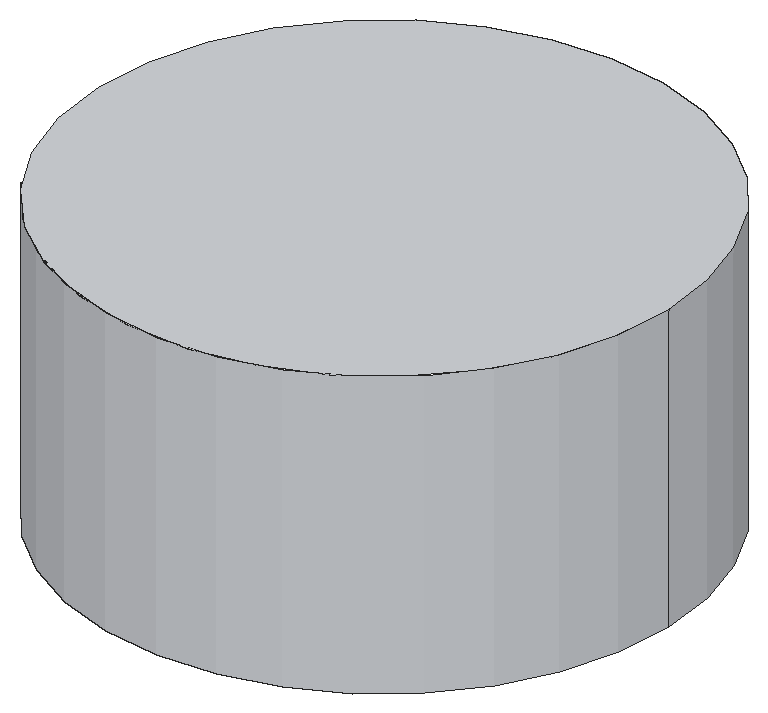
Revit family "ASF-4-C12", category Mechanical Equipment, Revit 2023
Family settings
  Round Connector Dimension = Use Diameter
  Classification = None
  Part Type = Normal
  OmniClass Number = 23.75.00.00
  OmniClass Title = Climate Control (HVAC)
  Work Plane-Based = No
  Always vertical = Yes
  Cut with Voids When Loaded = No
  Maintain Annotation Orientation = No
  Shared = No
  Room Calculation Point = No
Parameters (values of type "Standard")
  Volume = 0.0271039 CF
  Title = "Aura Solar Attic Fan - 12\" Tall Collar"
  Subject = "ASF-4-C12"
  Requested Accuracy = "Low"
  Part Number = "ASF-4-C12"
  Mass = 2.98773 lbm
  Designer = "CAD Machine"
  Design State = 1
  Density = 110.233 lb/ft³
  Default Elevation = 0' - 0"
  Creation Date = "11/10/2022"
  Connector_1_Diameter = 0' - 3 3/4"
  Center of Gravity = "X: -0.020 in Y: -5.808 in Z: 0.017 in"
  Author = "CAD Machine"
  Area = 11.0768 SF
Reference planes (in)
  plane 1 "Center (Front/Back)": y = 0
  plane 2: z = 0
  plane 3 "Center (Left/Right)": x = 0
Forms (in)
  Extrusion 1, solid
    sketch origin (0, 0, -19.73464) x (1, 0, 0) y (0, 1, 0)
      loop
        circle (0, 0) r 0.12
    from 0 to -0.12
Dimensions and locks (in)
  aligned and locked: plane 2 to level
Connectors (in)
  hvac at (0, 0, -19.73464), driven by "Connector_1_Diameter"
    settings: on Extrusion 1, index 1, duct flow 0 CFM, flow factor 0, pres drop 0.00 in-wg, loss coef 0, conn angle 0.00°, conn width 12", conn height 12", conn diameter 3 3/4", duct sys type 3, conn prof type 0, flow config 1, flow direction 1, loss method 0, conn ref index -1, conn util no, is conn primary yes, conn desc ""
